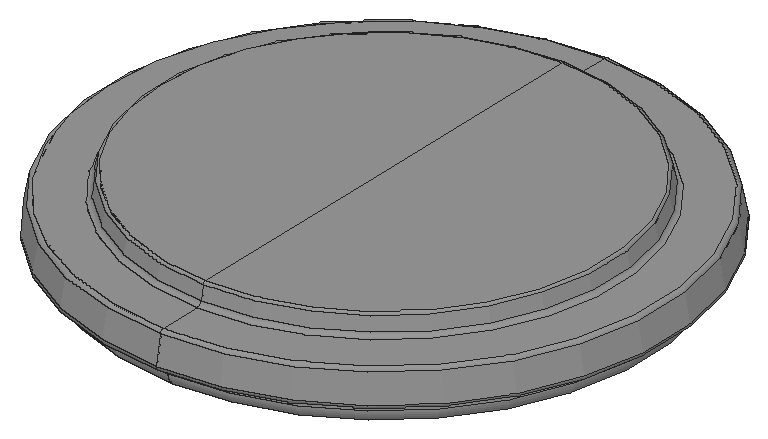
Revit family "FMK12_63_UN_Surface-mounted_ETK", category Lighting Fixtures, Revit 2017 (continued)
Definition of nested family "FMK.1 - Lightsource"
  Types (13, lengths in mm): name | Wattage Comments | Photometric Web File | built-in parameter 1150142 | Apparent Load
    FMK.1109.10N - Ø250x48 / 12W | "12W" | "FMK.1109.10n.ies" | "IESNA:LM-63-2002\r\n[TEST] /2015\r\n[TESTLAB] ies2eulumdat.appspot.com\r\n[ISSUEDATE] 2021-06-16T09:00:21.829\r\n[MANUFAC] www.etk.nl\r\n[LUMCAT] FMK.1109.10\r\n[LUMINAIRE] FMK.1 LED 12W 3000/4000/5700K ø250 niet dimbaar\r\n[LAMPCAT] LED\r\n[LAMP] LED\r\nTILT=NONE\r\n1\t1150\t1\t46\t180\t1\t2\t-0.250\t-0.250\t0\r\n1.0\t1.0\t11.80\r\n0\t 2\t 4\t 6\t 8\t 10\t 12\t 14\t 16\t 18\r\n20\t 22\t 24\t 26\t 28\t 30\t 32\t 34\t 36\t 38\r\n40\t 42\t 44\t 46\t 48\t 50\t 52\t 54\t 56\t 58\r\n60\t 62\t 64\t 66\t 68\t 70\t 72\t 74\t 76\t 78\r\n80\t 82\t 84\t 86\t 88\t 90\r\n0\t 2\t 4\t 6\t 8\t 10\t 12\t 14\t 16\t 18\r\n20\t 22\t 24\t 26\t 28\t 30\t 32\t 34\t 36\t 38\r\n40\t 42\t 44\t 46\t 48\t 50\t 52\t 54\t 56\t 58\r\n60\t 62\t 64\t 66\t 68\t 70\t 72\t 74\t 76\t 78\r\n80\t 82\t 84\t 86\t 88\t 90\t 92\t 94\t 96\t 98\r\n100\t 102\t 104\t 106\t 108\t 110\t 112\t 114\t 116\t 118\r\n120\t 122\t 124\t 126\t 128\t 130\t 132\t 134\t 136\t 138\r\n140\t 142\t 144\t 146\t 148\t 150\t 152\t 154\t 156\t 158\r\n160\t 162\t 164\t 166\t 168\t 170\t 172\t 174\t 176\t 178\r\n180\t 182\t 184\t 186\t 188\t 190\t 192\t 194\t 196\t 198\r\n200\t 202\t 204\t 206\t 208\t 210\t 212\t 214\t 216\t 218\r\n220\t 222\t 224\t 226\t 228\t 230\t 232\t 234\t 236\t 238\r\n240\t 242\t 244\t 246\t 248\t 250\t 252\t 254\t 256\t 258\r\n260\t 262\t 264\t 266\t 268\t 270\t 272\t 274\t 276\t 278\r\n280\t 282\t 284\t 286\t 288\t 290\t 292\t 294\t 296\t 298\r\n300\t 302\t 304\t 306\t 308\t 310\t 312\t 314\t 316\t 318\r\n320\t 322\t 324\t 326\t 328\t 330\t 332\t 334\t 336\t 338\r\n340\t 342\t 344\t 346\t 348\t 350\t 352\t 354\t 356\t 358\r\n\r\n405.3384\t404.7765\t404.2265\t402.9975\t401.1013\t399.2051\t395.3191\t391.4331\t387.5471\t383.661\r\n379.7751\t373.4779\t367.169\t360.8717\t354.5746\t348.2657\t339.7094\t331.1415\t322.5852\t314.029\r\n305.461\t294.8096\t284.1582\t273.5069\t262.8555\t252.2041\t239.7267\t227.261\t214.7837\t202.3181\r\n189.8525\t177.3751\t164.9094\t152.432\t139.9664\t127.4891\t0\t0\t0\t0\r\n0\t0\t0\t0\t0\t0\r\n405.3384\t404.7925\t404.2577\t403.0448\t401.1686\t399.2994\t395.4335\t391.5606\t387.7102\t383.8203\r\n379.9334\t373.6444\t367.3443\t361.0453\t354.7325\t348.4388\t339.8983\t331.3616\t322.8117\t314.2627\r\n305.722\t295.0872\t284.4404\t273.8022\t263.1576\t252.5163\t240.0548\t227.5873\t215.131\t202.664\r\n190.1945\t177.7378\t165.2697\t152.8012\t140.3312\t128.1946\t0.3296\t0\t0\t0\r\n0\t0\t0\t0\t0\t0\r\n405.3384\t404.8094\t404.2892\t403.0935\t401.2796\t399.4809\t395.6213\t391.7396\t387.8385\t383.9437\r\n380.072\t373.802\t367.5085\t361.2065\t354.9129\t348.6531\t340.137\t331.5961\t323.0451\t314.5012\r\n305.9895\t295.3818\t284.734\t274.0862\t263.4264\t252.8071\t240.376\t227.9231\t215.4572\t202.995\r\n190.53\t178.0631\t165.6056\t153.1389\t140.6717\t129.4859\t1.3419\t0\t0\t0\r\n0\t0\t0\t0\t0\t0\r\n405.3384\t404.8271\t404.3209\t403.1488\t401.3532\t399.5783\t395.7291\t391.8382\t387.9181\t384.0265\r\n380.1901\t373.9544\t367.6616\t361.3486\t355.0482\t348.8012\t340.3437\t331.8018\t323.2501\t314.6929\r\n306.2129\t295.662\t285.012\t274.3604\t263.7094\t253.1247\t240.74\t228.2758\t215.8122\t203.3491\r\n190.8749\t178.4127\t165.9503\t153.4898\t141.027\t131.3458\t3.1025\t0\t0\t0\r\n0\t0\t0\t0\t0\t0\r\n405.3384\t404.8458\t404.3591\t403.1978\t401.4167\t399.6486\t395.7816\t391.8937\t388.0038\t384.1068\r\n380.2987\t374.1143\t367.817\t361.5156\t355.2003\t348.9967\t340.5979\t332.043\t323.4957\t314.942\r\n306.4955\t295.9896\t285.3021\t274.6328\t263.9659\t253.4202\t241.0823\t228.6129\t216.1591\t203.6915\r\n191.2234\t178.7558\t166.3001\t153.8352\t141.371\t133.6544\t5.718\t0\t0\t0\r\n0\t0\t0\t0\t0\t0\r\n405.3384\t404.8652\t404.3908\t403.2459\t401.4706\t399.6646\t395.8675\t391.9843\t388.0857\t384.1821\r\n380.4316\t374.3456\t368.0256\t361.7021\t355.3697\t349.2\t340.8799\t332.2872\t323.6935\t315.0968\r\n306.6804\t296.3012\t285.6181\t274.9391\t264.248\t253.707\t241.4578\t228.9766\t216.4988\t204.0245\r\n191.5571\t179.0864\t166.6186\t154.1544\t141.6922\t136.24\t9.3369\t0\t0\t0\r\n0\t0\t0\t0\t0\t0\r\n405.3384\t404.8854\t404.4219\t403.2933\t401.5055\t399.7186\t395.9651\t392.0842\t388.1903\t384.3067\r\n380.5784\t374.5562\t368.2162\t361.8639\t355.4958\t349.3364\t341.1183\t332.5123\t323.9013\t315.2964\r\n306.9063\t296.6299\t285.9122\t275.1976\t264.4831\t253.9575\t241.8218\t229.3201\t216.8328\t204.3396\r\n191.8483\t179.3695\t166.8926\t154.4222\t141.9565\t138.8551\t14.1501\t0\t0\t0\r\n0\t0\t0\t0\t0\t0\r\n405.3384\t404.9066\t404.4521\t403.3398\t401.5506\t399.7766\t396.0731\t392.2029\t388.3231\t384.3922\r\n380.6589\t374.7488\t368.3792\t361.9898\t355.5837\t349.4181\t341.3685\t332.7528\t324.1099\t315.4532\r\n307.0598\t296.9581\t286.2249\t275.4731\t264.7159\t254.1799\t242.1928\t229.6762\t217.1659\t204.6692\r\n192.1717\t179.6758\t167.1817\t154.6978\t142.2295\t141.3105\t20.401\t0\t0\t0\r\n0\t0\t0\t0\t0\t0\r\n405.3384\t404.9688\t404.4817\t403.3908\t401.5946\t399.8358\t396.2032\t392.3475\t388.4203\t384.4425\r\n380.7195\t374.9437\t368.5473\t362.1238\t355.6851\t349.5134\t341.9282\t332.9785\t324.3069\t315.6402\r\n306.9436\t297.5694\t286.5262\t275.7395\t264.9593\t254.1623\t242.7912\t230.0358\t217.5005\t204.986\r\n192.4711\t179.9636\t167.4644\t154.9748\t142.4941\t143.2492\t28.3764\t0\t0\t0\r\n0\t0\t0\t0\t0\t0\r\n405.3384\t404.9901\t404.5102\t403.434\t401.6375\t399.8986\t396.3675\t392.4653\t388.4946\t384.4886\r\n380.7515\t375.1532\t368.7296\t362.2829\t355.7949\t349.2691\t342.1908\t333.257\t324.528\t315.7751\r\n307.0363\t297.9246\t286.8722\t276.0236\t265.1733\t254.3419\t243.18\t230.433\t217.8766\t205.3224\r\n192.7845\t180.2462\t167.7206\t155.2142\t142.724\t144.3059\t38.4235\t0\t0\t0\r\n0\t0\t0\t0\t0\t0\r\n405.3384\t405.0108\t404.5376\t403.4745\t401.6757\t399.9613\t396.5103\t392.5677\t388.5717\t384.5293\r\n380.4421\t375.6788\t368.9428\t362.4278\t355.8852\t349.3419\t342.4468\t333.4846\t324.7196\t315.9401\r\n307.1422\t298.1755\t287.1691\t276.2852\t265.4162\t254.5351\t243.54\t230.8321\t218.2158\t205.6051\r\n193.0422\t180.5018\t167.9628\t155.4439\t142.9509\t130.4715\t80.1717\t0\t0\t0\r\n0\t0\t0\t0\t0\t0\r\n405.3384\t405.0308\t404.5638\t403.5122\t401.7197\t400.0344\t396.6479\t392.675\t388.642\t384.5539\r\n380.446\t375.8849\t369.1475\t362.5941\t356.0076\t349.3402\t342.606\t333.7678\t324.9507\t316.0958\r\n307.1888\t298.3823\t287.5427\t276.5987\t265.6547\t254.6769\t243.7733\t231.1892\t218.5583\t205.9536\r\n193.3574\t180.7795\t168.2176\t155.6732\t143.1664\t130.6811\t92.6587\t0\t0\t0\r\n0\t0\t0\t0\t0\t0\r\n405.3384\t405.0504\t404.5956\t403.547\t401.7653\t400.0733\t397.0342\t392.7846\t388.7175\t384.6009\r\n380.4658\t376.0643\t369.3866\t362.7735\t356.0799\t349.3699\t342.7566\t334.0832\t325.1628\t316.2179\r\n307.2752\t298.5357\t287.9146\t276.8913\t265.8705\t254.8646\t244.0337\t231.6235\t218.9315\t206.265\r\n193.6356\t181.0339\t168.4572\t155.9156\t143.3861\t130.8825\t104.473\t0\t0\t0\r\n0\t0\t0\t0\t0\t0\r\n405.3384\t405.0692\t404.6173\t403.5726\t401.812\t400.0922\t397.1653\t392.8976\t388.795\t384.6787\r\n380.4567\t376.1942\t369.6246\t362.9226\t356.2055\t349.4272\t342.8367\t334.3769\t325.3805\t316.3703\r\n307.3625\t298.3377\t288.5546\t277.2123\t266.1258\t255.0391\t244.1559\t232.0335\t219.3073\t206.6258\r\n193.9576\t181.3129\t168.7045\t156.1324\t143.5875\t131.0872\t115.0185\t0\t0\t0\r\n0\t0\t0\t0\t0\t0\r\n405.3384\t405.0876\t404.6362\t403.6022\t401.8688\t399.828\t397.2783\t392.9976\t388.9023\t384.7385\r\n380.4432\t376.2623\t369.8607\t363.1303\t356.3361\t349.4819\t342.5273\t334.9205\t325.6274\t316.563\r\n307.4647\t298.325\t288.8953\t277.552\t266.3836\t255.2249\t244.066\t232.6598\t219.71\t206.9637\r\n194.2635\t181.5828\t168.9417\t156.3369\t143.7678\t131.2452\t123.6219\t0\t0\t0\r\n0\t0\t0\t0\t0\t0\r\n405.3384\t405.1054\t404.6527\t403.6299\t401.9954\t399.8313\t397.3825\t393.1311\t389.0376\t384.7914\r\n380.4256\t376.2601\t370.1442\t363.3441\t356.5\t349.5195\t342.4467\t335.1645\t325.9313\t316.7695\r\n307.548\t298.3169\t289.1161\t277.9297\t266.651\t255.4032\t244.1853\t232.9715\t220.1319\t207.3312\r\n194.5444\t181.8166\t169.148\t156.5181\t143.9438\t131.4005\t129.5504\t10.7169\t0\t0\r\n0\t0\t0\t0\t0\t0\r\n405.3384\t405.1227\t404.6665\t403.6558\t402.0282\t399.8387\t397.4732\t393.2952\t389.1616\t384.8421\r\n380.4176\t375.9014\t370.721\t363.6037\t356.6569\t349.5494\t342.4061\t335.3294\t326.2421\t316.9739\r\n307.6665\t298.3454\t289.1781\t278.2878\t266.963\t255.6467\t244.3238\t233.1536\t220.5163\t207.6577\r\n194.8355\t182.0686\t169.3482\t156.6677\t144.0408\t131.4715\t131.8453\t25.923\t0\t0\r\n0\t0\t0\t0\t0\t0\r\n405.3384\t405.1396\t404.6776\t403.6776\t402.0538\t399.8619\t397.5341\t393.5083\t389.2881\t384.8846\r\n380.4261\t375.832\t370.9139\t363.9038\t356.8028\t349.6355\t342.4017\t335.332\t326.5796\t317.2212\r\n307.8198\t298.3417\t288.8594\t278.9905\t267.339\t255.8866\t244.4302\t233.0061\t221.1259\t208.0094\r\n195.1274\t182.2902\t169.5075\t156.7928\t144.1389\t131.538\t118.9821\t72.5747\t0\t0\r\n0\t0\t0\t0\t0\t0\r\n405.3384\t405.1559\t404.686\t403.7113\t402.0482\t399.882\t397.6063\t393.7003\t389.4083\t384.9648\r\n380.4586\t375.7543\t371.0891\t364.165\t357.0131\t349.7518\t342.4103\t334.9484\t327.1548\t317.4999\r\n307.9709\t298.3923\t288.8332\t279.2321\t267.7019\t256.1485\t244.593\t233.049\t221.4516\t208.379\r\n195.4187\t182.5259\t169.6952\t156.9157\t144.2105\t131.5685\t118.9925\t91.6472\t0\t0\r\n0\t0\t0\t0\t0\t0\r\n405.3384\t405.1718\t404.6918\t403.7304\t402.0748\t399.9057\t397.6713\t393.8957\t389.5114\t385.088\r\n380.4979\t375.7076\t371.0587\t364.4889\t357.2386\t349.9042\t342.4218\t334.8539\t327.2884\t317.8216\r\n308.1836\t298.5219\t288.784\t279.2695\t268.1369\t256.4569\t244.7869\t233.1079\t221.6219\t208.7797\r\n195.7476\t182.7712\t169.842\t157.0084\t144.2669\t131.5897\t118.9856\t106.3522\t0\t0\r\n0\t0\t0\t0\t0\t0\r\n405.3384\t405.1872\t404.677\t403.7455\t402.1069\t399.9332\t397.7438\t394.3242\t389.6719\t385.2237\r\n380.5442\t375.6807\t370.6129\t365.0631\t357.5309\t350.0674\t342.4859\t334.7817\t327.2448\t318.4473\r\n308.4635\t298.6371\t288.784\t278.8955\t268.7927\t256.8209\t244.9966\t233.2361\t221.4851\t209.3772\r\n196.0586\t182.9925\t170.014\t157.1221\t144.303\t131.5659\t118.922\t115.4507\t0.7529\t0\r\n0\t0\t0\t0\t0\t0\r\n405.3384\t405.2023\t404.5924\t403.7567\t402.1445\t399.9518\t397.5215\t394.4699\t389.8906\t385.382\r\n380.6063\t375.6074\t370.4961\t365.1827\t357.8531\t350.2794\t342.5728\t334.767\t326.8088\t318.7303\r\n308.7717\t298.8224\t288.8326\t278.8036\t268.8778\t257.2662\t245.3121\t233.3885\t221.4719\t209.6291\r\n196.4163\t183.2663\t170.1886\t157.217\t144.3317\t131.5459\t118.8227\t106.1876\t17.4697\t0\r\n0\t0\t0\t0\t0\t0\r\n405.3384\t405.217\t404.5944\t403.7643\t402.2164\t399.9969\t397.5215\t394.5348\t390.1198\t385.5481\r\n380.6842\t375.579\t370.3695\t365.1761\t358.5091\t350.5396\t342.7377\t334.7731\t326.7113\t318.7291\r\n309.1553\t299.0695\t288.9289\t278.7193\t268.5571\t257.9194\t245.6422\t233.5555\t221.5159\t209.6959\r\n196.8141\t183.564\t170.3986\t157.3153\t144.3298\t131.4311\t118.6433\t105.963\t65.2493\t0\r\n0\t0\t0\t0\t0\t0\r\n405.3384\t405.2314\t404.597\t403.7683\t402.259\t400.1387\t397.5142\t394.6254\t390.3718\t385.7346\r\n380.7618\t375.6336\t370.2359\t364.7113\t358.7633\t350.8369\t342.942\t334.8576\t326.6208\t318.2983\r\n309.7123\t299.3766\t289.0811\t278.7695\t268.3526\t258.0866\t246.0418\t233.822\t221.6258\t209.5032\r\n197.3492\t183.8918\t170.5912\t157.4067\t144.3357\t131.3476\t118.48\t105.7362\t86.9291\t0\r\n0\t0\t0\t0\t0\t0\r\n405.3384\t405.2454\t404.6007\t403.7691\t402.2969\t400.2013\t397.5194\t394.7022\t390.8756\t385.9297\r\n380.8283\t375.6809\t370.2029\t364.5257\t358.7975\t351.2443\t343.1931\t334.9798\t326.6184\t318.1094\r\n309.6994\t299.7814\t289.3562\t278.8261\t268.235\t257.6488\t246.725\t234.1375\t221.8235\t209.5282\r\n197.4412\t184.2693\t170.8692\t157.5318\t144.3183\t131.2485\t118.3192\t105.4985\t99.8452\t0\r\n0\t0\t0\t0\t0\t0\r\n405.3384\t405.2465\t404.6055\t403.7327\t402.33\t400.28\t397.5374\t394.7758\t391.1064\t386.1222\r\n380.9814\t375.6963\t370.1916\t364.3689\t358.3019\t351.8681\t343.551\t335.1761\t326.6651\t318.0094\r\n309.224\t300.3263\t289.676\t278.9673\t268.2109\t257.4449\t246.79\t234.5954\t222.0662\t209.6096\r\n197.2538\t184.796\t171.1111\t157.6776\t144.3725\t131.1929\t118.1378\t105.2239\t92.4606\t7.417\r\n0\t0\t0\t0\t0\t0\r\n405.3384\t405.26\t404.6117\t403.7331\t402.3583\t400.3318\t397.5727\t394.5667\t391.2865\t386.3445\r\n381.2477\t375.7985\t370.1959\t364.244\t358.0878\t351.9228\t343.9437\t335.4465\t326.8059\t317.9911\r\n309.0489\t300.2024\t290.2985\t279.2004\t268.2951\t257.2789\t246.344\t235.2056\t222.4167\t209.7955\r\n197.2042\t184.8605\t171.4948\t157.9091\t144.4487\t131.1247\t117.9609\t104.9565\t92.1149\t52.9313\r\n0\t0\t0\t0\t0\t0\r\n405.3384\t405.2736\t404.6193\t403.7351\t402.3811\t400.3748\t397.6302\t394.5872\t391.3781\t386.8119\r\n381.4951\t375.9993\t370.2514\t364.1293\t357.9116\t351.3889\t344.5079\t335.822\t327.0416\t318.0736\r\n308.9557\t299.6921\t290.3569\t279.5927\t268.421\t257.3226\t246.1\t234.903\t222.8814\t210.0311\r\n197.2958\t184.6475\t172.0079\t158.165\t144.5452\t131.0796\t117.7978\t104.7315\t91.8426\t76.8551\r\n0\t0\t0\t0\t0\t0\r\n405.3384\t405.2871\t404.6284\t403.7382\t402.383\t400.4092\t397.8019\t394.6157\t391.382\t386.9759\r\n381.7537\t376.2214\t370.3501\t364.1175\t357.7917\t351.1064\t344.4201\t336.5393\t327.3814\t318.2587\r\n308.9705\t299.4656\t289.8818\t280.0753\t268.8078\t257.4031\t245.984\t234.5829\t223.2864\t210.4452\r\n197.4796\t184.6232\t171.8738\t158.4916\t144.6856\t131.1101\t117.7175\t104.5034\t91.5471\t87.0893\r\n0\t0\t0\t0\t0\t0\r\n405.3384\t405.3008\t404.6392\t403.7418\t402.3989\t400.4352\t397.8747\t394.6614\t391.0674\t387.1128\r\n382.2229\t376.4632\t370.4832\t364.2203\t357.7251\t350.8963\t343.8101\t336.6669\t327.8215\t318.561\r\n309.1145\t299.4337\t289.6313\t279.6987\t269.4041\t257.6346\t246.0417\t234.3777\t222.7877\t211.0609\r\n197.8041\t184.6956\t171.7174\t158.9026\t144.9461\t131.1605\t117.657\t104.3263\t91.2411\t78.3968\r\n8.6356\t0\t0\t0\t0\t0\r\n405.3384\t405.3146\t404.6518\t403.7453\t402.4116\t400.4333\t397.9374\t394.7255\t391.0189\t387.2362\r\n382.4741\t376.7553\t370.621\t364.3583\t357.712\t350.7498\t343.5434\t336.0689\t328.3754\t318.9975\r\n309.3575\t299.5473\t289.484\t279.3984\t269.2587\t258.261\t246.2079\t234.3624\t222.4746\t210.6739\r\n198.3975\t184.9162\t171.7187\t158.643\t145.2545\t131.3415\t117.6016\t104.16\t90.981\t78.0548\r\n54.1337\t0\t0\t0\t0\t0\r\n405.3384\t405.4889\t404.6945\t403.6712\t402.4205\t400.4506\t397.9834\t394.8928\t390.9998\t386.973\r\n382.6577\t377.3141\t370.8707\t364.5641\t357.7877\t350.7046\t343.3801\t335.7208\t327.8525\t319.6767\r\n309.7968\t299.7787\t289.6134\t279.2245\t268.6962\t258.2578\t246.6038\t234.4814\t222.3847\t210.2821\r\n198.4381\t185.3347\t171.8446\t158.564\t145.4985\t131.5442\t117.6455\t104.0124\t90.7095\t77.7184\r\n71.0115\t0\t0\t0\t0\t0\r\n405.3384\t405.5009\t404.7104\t403.6809\t402.4254\t400.4644\t398.0198\t394.9896\t391.014\t386.9406\r\n382.6666\t377.537\t371.2201\t364.837\t357.9545\t350.7593\t343.2926\t335.5022\t327.46\t319.1538\r\n310.4783\t300.1684\t289.8497\t279.2431\t268.5397\t257.661\t246.8589\t234.8353\t222.4783\t210.092\r\n197.8192\t185.7046\t172.2109\t158.5712\t145.1721\t131.9025\t117.7262\t103.9048\t90.5045\t77.4349\r\n64.724\t0\t0\t0\t0\t0\r\n405.3384\t405.512\t404.7274\t403.6949\t402.4256\t400.4737\t398.0459\t395.0319\t391.1349\t386.9314\r\n382.368\t377.565\t371.7894\t365.1647\t358.2122\t350.925\t343.2805\t335.4297\t327.1908\t318.7224\r\n309.9642\t300.886\t290.2777\t279.5029\t268.5805\t257.4726\t246.2239\t235.0727\t222.7881\t210.1727\r\n197.5617\t185.0625\t172.6371\t158.8143\t145.0846\t131.6118\t117.8827\t103.9322\t90.3265\t77.1744\r\n64.48\t35.0653\t0\t0\t0\t0\r\n405.3384\t405.522\t404.7455\t403.7452\t402.4209\t400.4773\t398.0588\t395.0488\t391.1753\t387.0135\r\n382.3352\t377.2242\t371.9159\t365.7147\t358.5534\t351.2243\t343.4254\t335.4792\t327.0606\t318.4772\r\n309.4696\t300.3065\t290.8705\t280.0089\t268.8629\t257.5392\t246.0377\t234.4621\t222.8965\t210.6316\r\n197.5873\t184.7291\t171.9505\t159.2993\t145.2866\t131.4601\t118.0115\t103.9741\t90.2222\t76.9361\r\n64.1798\t56.618\t0\t0\t0\t0\r\n405.3384\t405.5308\t404.7649\t403.7651\t402.3395\t400.4737\t398.0593\t395.0424\t391.207\t387.0567\r\n382.3506\t377.1527\t371.6378\t365.821\t359.1154\t351.6039\t343.7387\t335.6237\t327.116\t318.3892\r\n309.185\t299.8538\t290.1589\t280.4669\t269.6277\t257.8645\t246.1541\t234.2897\t222.3665\t210.3175\r\n198.0481\t184.7232\t171.6272\t158.6683\t145.768\t131.577\t117.6798\t104.1455\t90.1031\t76.7097\r\n63.9092\t51.7004\t0\t0\t0\t0\r\n405.3384\t405.5388\t404.7856\t403.7878\t402.34\t400.4766\t398.0469\t395.016\t391.2276\t387.086\r\n382.4782\t377.1848\t371.6139\t365.5258\t359.2193\t352.1252\t344.383\t335.9209\t327.3527\t318.4608\r\n309.1505\t299.601\t289.7392\t279.6691\t269.2868\t258.5846\t246.5891\t234.456\t222.2595\t209.9698\r\n197.5743\t185.146\t171.655\t158.2647\t145.101\t132.0467\t117.7168\t103.7776\t90.1162\t76.5416\r\n63.6537\t51.4481\t11.4644\t0\t0\t0\r\n405.3384\t405.5455\t404.8079\t403.8136\t402.3469\t400.3632\t398.021\t394.9736\t391.2361\t387.0991\r\n382.4999\t377.3413\t371.7228\t365.4801\t358.9167\t352.0852\t344.7107\t336.4982\t327.7775\t318.7203\r\n309.3167\t299.5744\t289.5996\t279.3072\t268.7148\t257.8887\t247.047\t235.2639\t222.5436\t209.9771\r\n197.2699\t184.5597\t171.885\t158.2865\t144.6692\t131.337\t118.1829\t103.7905\t89.9666\t76.4265\r\n63.4089\t51.1676\t44.0861\t0\t0\t0\r\n405.3384\t405.5513\t404.9774\t403.8429\t402.3609\t400.3505\t397.8886\t394.8898\t391.2407\t387.0953\r\n382.4979\t377.3824\t371.7634\t365.5989\t358.905\t351.812\t344.4396\t336.63\t328.3847\t319.3177\r\n309.7407\t299.8087\t289.728\t279.2246\t268.459\t257.4328\t246.1417\t234.7065\t223.2024\t210.4254\r\n197.4644\t184.3923\t171.2764\t158.1367\t144.9817\t130.9885\t117.4819\t104.1949\t89.9202\t76.3115\r\n63.1698\t50.8615\t39.4911\t0\t0\t0\r\n405.3384\t405.5559\t404.9992\t403.8756\t402.382\t400.349\t397.8573\t394.7468\t391.2145\t387.0848\r\n382.4587\t377.3893\t371.7642\t365.6347\t359.0468\t351.9462\t344.3869\t336.3706\t328.1386\t319.4674\r\n310.3444\t300.4744\t290.1739\t279.4322\t268.5321\t257.3547\t245.836\t234.1207\t222.3374\t210.1954\r\n198.078\t184.7804\t171.3331\t157.8412\t144.3958\t131.1966\t117.2105\t103.4803\t90.2145\t76.2405\r\n62.9998\t50.5463\t39.207\t5.7837\t0\t0\r\n
